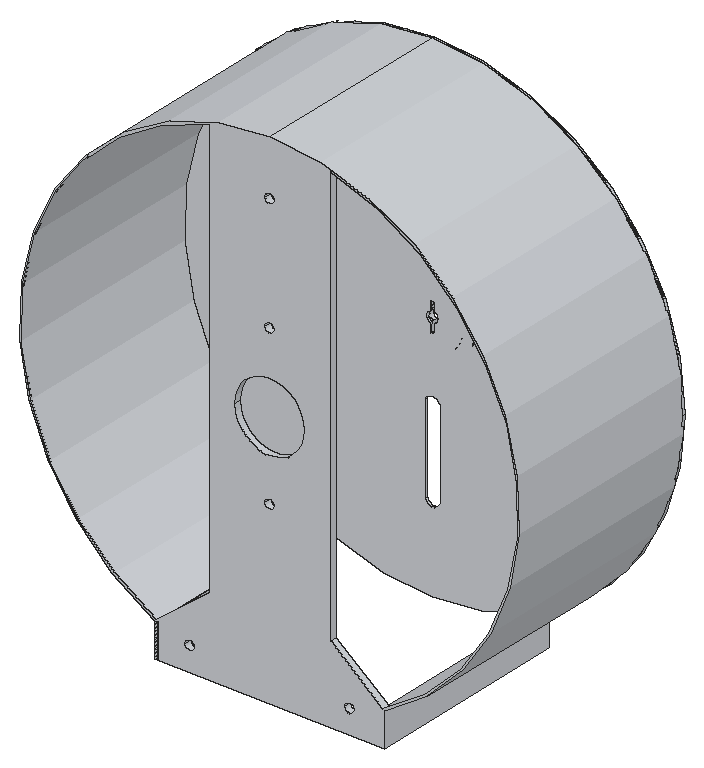
Revit family "AX8607_0016", category Appareils sanitaires, Revit 2016
Family settings
  Hôte = Mur
  Type d'élément = Normal
  Cote de connecteur circulaire = Utiliser le diamètre
  Numéro OmniClass = 23.75.00.00
  Titre OmniClass = Climate Control (HVAC)
  Toujours verticalement = Oui
  Couper avec des vides une fois chargée = Non
  Partagée = Non
  Point de calcul de pièce = Non
Parameters (values of type "Type 1")
  URL = "http://www.axeuro.com/fr/distributeurs-de-papier-toilette/24772-distributeur-de-papier-toilette-ax8607.html?search_query=AX8607&results=2"
  Type de produit / Type of product = "Distributeur de papier toilette / Toilet tissue dispenser"  # constant formula
  Référence / Reference = "AX8607, AX8607W"  # constant formula
  Model = ""
  Manufacturer = ""
  Entreprise / Company = "Axeuro"  # constant formula
  Description = ""
Reference planes
  plane 1 "Mur": y = 0
  plane 2 "Centre (gauche/droite)": x = 0
  plane 3 "Arrière": y = 75
Forms (mm)
  Extrusion 1, solid
    sketch origin (0, 75, 102.435) x (1, 0, 0) y (0, 0, 1)
      loop
        arc (62.526, 912.728) -> (132.656, 1066.231) -> (0.007, 1170.565) r 136.5
        arc (0.007, 1170.565) -> (-132.654, 1066.238) -> (-62.526, 912.728) r 136.5
        line (-62.526, 912.728) -> (-61.097, 911.876) -> (-61.097, 913.121)
        arc (-61.097, 913.121) -> (-131.81, 1065.472) -> (0.007, 1169.565) r 135.5
        arc (0.007, 1169.565) -> (131.812, 1065.465) -> (61.097, 913.121) r 135.5
        line (61.097, 913.121) -> (61.097, 911.876) -> (62.526, 912.728)
    from -110.795 to 0
  Extrusion 2, solid
    sketch origin (0, 75, 0) x (1, 0, 0) y (0, 0, 1)
      loop
        line (62.526, 1015.163) -> (61.097, 1015.163) -> (61.097, 996.823) -> (62.526, 996.823) -> (62.526, 1015.163)
    from -111.828 to 0
  Extrusion 3, solid
    sketch origin (-123.569, 75, 0) x (1, 0, 0) y (0, 0, 1)
      loop
        line (62.526, 1015.163) -> (61.097, 1015.163) -> (61.097, 996.823) -> (62.526, 996.823) -> (62.526, 1015.163)
    from -111.828 to 0
  Extrusion 4, solid
    sketch origin (0, 73.871, -6.871) x (1, 0, 0) y (0, 0, 1)
      loop
        circle (0, 1143.371) r 16.5
    from -116.129 to -112.957
  Extrusion 5, void
    sketch origin (0.014, 73.871, 0) x (1, 0, 0) y (0, 0, 1)
      loop
        line (1.075, 1139.439) -> (1.075, 1144.532) -> (-1.103, 1144.532) -> (-1.103, 1139.429)
        arc (-1.103, 1139.429) -> (-3.13, 1136.5) -> (-1.103, 1133.571) r 3.13
        line (-1.103, 1133.571) -> (-1.103, 1128.485) -> (1.075, 1128.485) -> (1.075, 1133.561)
        arc (1.075, 1133.561) -> (3.13, 1136.5) -> (1.075, 1139.439) r 3.13
    from -116.129 to -111.924
  Extrusion 6, void
    sketch origin (-2.364, 75, 17.907) x (1, 0, 0) y (0, 0, 1)
      loop
        line (6.664, 1029.131) -> (6.664, 1076.779)
        arc (6.664, 1076.779) -> (2.803, 1080.117) -> (-1.557, 1077.464) r 4.332
        line (-1.557, 1077.464) -> (-1.557, 1029.383)
        arc (-1.557, 1029.383) -> (2.461, 1026.216) -> (6.664, 1029.131) r 4.3
    from -111.828 to -110.795
  Extrusion 7, solid
    sketch origin (0, 75, 0) x (1, 0, 0) y (0, 0, 1)
      loop
        line (62.526, 996.823) -> (62.526, 1015.123) -> (32.951, 1038.813) -> (32.951, 1268.963)
        arc (32.951, 1268.963) -> (0, 1273) -> (-32.951, 1268.963) r 136.5
        line (-32.951, 1268.963) -> (-32.951, 1038.963) -> (-62.472, 1015.163) -> (-62.472, 996.823) -> (62.526, 996.823)
    from -3.608 to 0
  Extrusion 8, void
    sketch origin (2.953, 75, 3.854) x (1, 0, 0) y (0, 0, 1)
      loop
        circle (-46.473, 1005.97) r 2.6
    from -3.608 to 3.67
  Extrusion 9, void
    sketch origin (-2.953, 75, 3.854) x (-1, 0, 0) y (0, 0, -1)
      loop
        circle (-46.473, -1005.97) r 2.6
    from -3.608 to 3.67
  Extrusion 10, void
    sketch origin (46.473, 75, 237.03) x (1, 0, 0) y (0, 0, 1)
      loop
        circle (-46.473, 1005.97) r 2.6
    from -3.608 to 3.67
  Extrusion 11, void
    sketch origin (46.473, 75, 174.013) x (1, 0, 0) y (0, 0, 1)
      loop
        circle (-46.473, 1005.97) r 2.6
    from -3.608 to 3.67
  Extrusion 12, void
    sketch origin (46.473, 75, 88.013) x (1, 0, 0) y (0, 0, 1)
      loop
        circle (-46.473, 1005.97) r 2.6
    from -3.608 to 3.67
  Extrusion 13, void
    sketch origin (46.473, 75, 130.53) x (1, 0, 0) y (0, 0, 1)
      loop
        circle (-46.473, 1005.97) r 19
    from -3.608 to 3.67
  Extrusion 14, solid
    sketch origin (0, 73.871, 0) x (1, 0, 0) y (0, 0, 1)
      loop
        circle (0, 1136.5) r 136.5
    from -112.957 to -111.924
  Revolve 15, solid
    sketch origin (0, -1.129, -9.69) x (0, 1, 0) y (0, 0, 1)
      loop
        line (187.957, 1146.19) -> (188.866, 1146.19) -> (188.866, 1161.929) -> (188.866, 1163.442)
        arc (188.866, 1163.442) -> (188.998, 1163.988) -> (189.265, 1164.483) r 2.186
        arc (189.265, 1164.483) -> (189.737, 1165.985) -> (189.22, 1167.472) r 2.505
        arc (189.22, 1167.472) -> (188.65, 1168.055) -> (187.957, 1168.485) r 3.399
        line (187.957, 1168.485) -> (187.957, 1146.19)
      axis (189.265, 1146.19) -> (187.957, 1146.19)
    angle from 0 to 360
Cuts and joins
  Extrusion 5, Extrusion 6, Extrusion 8, Extrusion 9, Extrusion 10, Extrusion 11, Extrusion 12, Extrusion 13 cuts Extrusion 1
  Extrusion 8, Extrusion 9, Extrusion 10, Extrusion 11, Extrusion 12, Extrusion 13 cuts Extrusion 7
  joined: Extrusion 1, Extrusion 2, Extrusion 7
  Extrusion 5 cuts Extrusion 4
  Extrusion 5, Extrusion 6 cuts Extrusion 14
  Extrusion 5 cuts Revolve 15
Lines and regions (mm)
  reference lines
    curve 1: line (-62.472, 75, 1000) -> (-62.472, 75, 1004.244)
    curve 2: line (62.526, 75, 1000) -> (62.526, 75, 1015.163)
    curve 3: line (-12.225, 186.828, 0) -> (-12.225, 190, 0)
    curve 4: line (0.007, 0, 1273) -> (10.007, 0, 1273)
Text (mm)
  text "Côté de la mise en place" at (-1820.995, 1116.779, 0), in view "Niveau de réf."
  text "Côté de la mise en place" at (0, 1334.055, 2976.191), in view "Gauche"
  text "Côté de la mise en place" at (0, 439.194, 2944.362), in view "Droite"
Dimensions and locks
  host wall to plane 3 "Arrière" = 75 mm
  aligned and locked: plane 1 "Mur" to host wall
